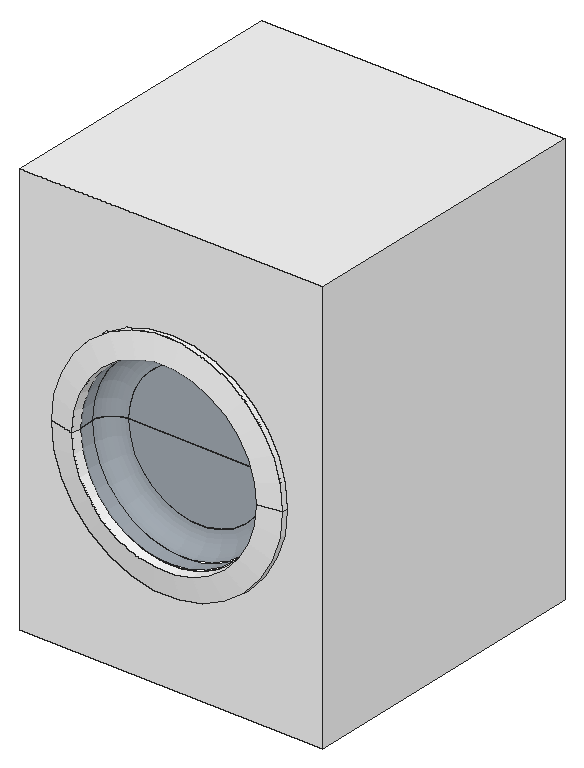
Revit family "_BRU_СУ_СтиральнаяМашина", category Электрооборудование, Revit 2021
Family settings
  Конфигурация панели = Два столбца, слева направо
  Размер круглого соединителя = Использовать диаметр
  Тип детали = Щит
  Номер OmniClass = 23.40.20.00
  Заголовок OmniClass = General Furniture and Specialties
  На основе рабочей плоскости = Нет
  Всегда вертикально = Да
  При загрузке вырезать с полостями = Нет
  Общий = Да
  Точка принадлежности помещению = Нет
Parameters (values of type "Стиральная машина")
  ‏‏  ‏  ‏‏  ‏  ‏‏  ‏  ‏‏  ‏  ‏‏  ‏  ‏‏  ‏ = ""  # constant formula
  ‏‏  ‏   = ""
  ‏  ‏‏   ‏ [instance] = ""
  ‏  ‏ = ""
  Условный диаметр подключений к канализации = 20 mm
  Условный диаметр подключений к воде = 15 mm
  Тип 2В.Наименование = "Стиральная машина 600 х 450 встраиваемая"  # constant formula
  Тип 1В.Наименование = "Стиральная машина 600 х 600 встраиваемая"  # constant formula
  Тип 2.Наименование = "Стиральная машина 600 х 450"  # constant formula
  Тип 2.Глубина = 450 mm
  Тип 1.Наименование = "Стиральная машина 600 х 600"  # constant formula
  Тип 1.Глубина = 600 mm
  built-in parameter 1155100 [instance] = -1
  Default Elevation = 0 mm
  built-in parameter 1140140 [instance] = 1 (stored number, unit not read)
  Voltage = ""
  built-in parameter 1140142 [instance] = -1
  BRU_Типоразмер.Ручка_формы [instance] = 670 mm
  Позиция точки вставки по умолчанию = 82  # constant formula
  Отступ от отделки [instance] = 0 mm
  Отступ 2D встраиваемой = 90 mm
  Отдельностоящая [instance] = not(Встраиваемая)  # yes
  Номер типа [instance] = if(not(#привязка номера типа = 0), #привязка номера типа, if(not(Задать номер типа = 0), Задать номер типа, if(BRU_Типоразмер.Ручка_формы < 475 mm, 2, 1)))  # 1
  Заливка [instance] = not(Встраиваемая)  # yes
  Задать номер типа = 0
  Глубина нижней части встроенной [instance] = 0 mm
  Глубина 2D встраиваемой = 400 mm
  Высота нижней части встроенной [instance] = 165 mm
  Встраиваемая [instance] = no
  BRU_Принять_отзеркаливание_д.н. [instance] = no
  BRU_Позиция_точки_вставки [instance] = if(BRU_Задать_точку_вставки = 0, Позиция точки вставки по умолчанию, BRU_Задать_точку_вставки)  # 82
  BRU_Отступ_на_толщину_отделки [instance] = 20 mm
  BRU_Отзеркаливание_Возможно = 1 = 1  # yes
  BRU_Задать_точку_вставки [instance] = 82
  ADSK_Расход канализационных стоков [instance] = 0.0 L/s
  ADSK_Расход ХВ [instance] = 0.0 L/s
  ADSK_Размер_Ширина = 600 mm  # constant formula
  ADSK_Размер_Глубина [instance] = if(Номер типа = 2, Тип 2.Глубина, Тип 1.Глубина)  # 600 mm
  ADSK_Размер_Высота = 820 mm
  ADSK_Наименование [instance] = if(not(Встраиваемая), if(Номер типа = 2, Тип 2.Наименование, Тип 1.Наименование), if(Номер типа = 2, Тип 2В.Наименование, Тип 1В.Наименование))  # "Стиральная машина 600 х 600"
  ‏  ‏‏    ‏ [instance] = if(BRU_Позиция_точки_вставки = 0, "Исходная точка вставки семейства", if(Позиция точки вставки по умолчанию = BRU_Позиция_точки_вставки, "", if(and(BRU_Позиция_точки_вставки > 0, BRU_Позиция_точки_вставки < 10), "Точка вставки изменена", if(or(BRU_Позиция_точки_вставки = 70, BRU_Позиция_точки_вставки = 72, BRU_Позиция_точки_вставки = 82, BRU_Позиция_точки_вставки = 92, BRU_Позиция_точки_вставки = 90, BRU_Позиция_точки_вставки = 10, BRU_Позиция_точки_вставки = 12, BRU_Позиция_точки_вставки = 22, BRU_Позиция_точки_вставки = 32, BRU_Позиция_точки_вставки = 71, BRU_Позиция_точки_вставки = 41, BRU_Позиция_точки_вставки = 11, BRU_Позиция_точки_вставки = 91, BRU_Позиция_точки_вставки = 61, BRU_Позиция_точки_вставки = 31, BRU_Позиция_точки_вставки = 30), "Точка вставки изменена и добавлен отступ", "Ошибка! Неверное значение точки вставки!"))))  # ""
  #привязка номера типа [instance] = 0
  #вырез нижней части [instance] = if(Встраиваемая, Глубина нижней части встроенной, 0 mm)  # 0 mm
  #Сумм.отступ [instance] = BRU_Отступ_на_толщину_отделки + Отступ от отделки  # 20 mm
  #Поз.точки.вст.Y [instance] = #const + if(and(BRU_Позиция_точки_вставки > 3, BRU_Позиция_точки_вставки < 7), #Размер.Y / 2, if(and(BRU_Позиция_точки_вставки > 0, BRU_Позиция_точки_вставки < 4), 0 mm, if(and(BRU_Позиция_точки_вставки > 6, BRU_Позиция_точки_вставки < 10), #Размер.Y, if(or(BRU_Позиция_точки_вставки = 41, BRU_Позиция_точки_вставки = 61), #Размер.Y / 2, if(or(BRU_Позиция_точки_вставки = 11, BRU_Позиция_точки_вставки = 31), 0 mm, if(or(BRU_Позиция_точки_вставки = 71, BRU_Позиция_точки_вставки = 91), #Размер.Y, if(or(BRU_Позиция_точки_вставки = 10, BRU_Позиция_точки_вставки = 12, BRU_Позиция_точки_вставки = 22, BRU_Позиция_точки_вставки = 32, BRU_Позиция_точки_вставки = 30), -1 * #Сумм.отступ, if(or(BRU_Позиция_точки_вставки = 70, BRU_Позиция_точки_вставки = 72, BRU_Позиция_точки_вставки = 82, BRU_Позиция_точки_вставки = 92, BRU_Позиция_точки_вставки = 90), #Размер.Y + #Сумм.отступ, #Размер.Y / 2))))))))  # 1120 mm
  #Поз.точки.вст.X [instance] = #const + if(or(BRU_Позиция_точки_вставки = 8, BRU_Позиция_точки_вставки = 5, BRU_Позиция_точки_вставки = 2), #Размер.X / 2, if(or(BRU_Позиция_точки_вставки = 1, BRU_Позиция_точки_вставки = 4, BRU_Позиция_точки_вставки = 7), 0 mm, if(or(BRU_Позиция_точки_вставки = 3, BRU_Позиция_точки_вставки = 6, BRU_Позиция_точки_вставки = 9), #Размер.X, if(or(BRU_Позиция_точки_вставки = 22, BRU_Позиция_точки_вставки = 82), #Размер.X / 2, if(or(BRU_Позиция_точки_вставки = 10, BRU_Позиция_точки_вставки = 11, BRU_Позиция_точки_вставки = 41, BRU_Позиция_точки_вставки = 71, BRU_Позиция_точки_вставки = 70), -1 * #Сумм.отступ, if(or(BRU_Позиция_точки_вставки = 90, BRU_Позиция_точки_вставки = 91, BRU_Позиция_точки_вставки = 61, BRU_Позиция_точки_вставки = 31, BRU_Позиция_точки_вставки = 30), #Размер.X + #Сумм.отступ, if(or(BRU_Позиция_точки_вставки = 72, BRU_Позиция_точки_вставки = 12), 0 mm, if(or(BRU_Позиция_точки_вставки = 92, BRU_Позиция_точки_вставки = 32), #Размер.X, #Размер.X / 2))))))))  # 800 mm
  #Отступ 2D отображения [instance] = if(Встраиваемая, Отступ 2D встраиваемой, 0 mm)  # 0 mm
  #Размер.X = ADSK_Размер_Ширина  # 600 mm
  #Глубина 2D отображения [instance] = if(Встраиваемая, Глубина 2D встраиваемой, ADSK_Размер_Глубина)  # 600 mm
  #Высота нижней части [instance] = if(Встраиваемая, Высота нижней части встроенной, 100 mm)  # 100 mm
  #Размер.Y [instance] = ADSK_Размер_Глубина  # 600 mm
  #const = 500 mm  # constant formula
Reference planes
  plane 1 "По центру (Вперед/Назад)": y = 0
  plane 2: z = 0
  plane 3 "По центру (Влево/Вправо)": x = 0
  plane 4 "up": z = 820
  plane 5 "в.панель": z = 700
  plane 6 "cenetr": z = 400
  plane 7: y = -600
  plane 8: x = 300
  plane 9: x = -300
  plane 10: y = -300
  plane 11: y = -600
  plane 12: y = 0
  plane 13 "1": z = 1140
  plane 14 "низ": z = 100
  plane 15: x = -320
  plane 16: y = 20
  plane 17: x = 320
  plane 18: y = 0
  plane 19: x = 200
  plane 20: y = -100
  plane 21: y = -1100
  plane 22: x = -800
  plane 23: y = 20
  plane 24: x = 0
  plane 25 "Подключения": z = 760
  plane 26 "низкая детализация": z = 200
Forms (mm)
  Extrusion 1, solid, material "BRU_Пластмасса, непрозрачная, белая", detail levels fine
    sketch origin (-300, -600, 0) x (1, 0, 0) y (0, 1, 0)
      loop
        line (0, 600) -> (0, 0) -> (600, 0) -> (600, 600) -> (0, 600)
    from 0 to 820
  Revolve 2, void, detail levels fine
    sketch origin (-300, -600, 400) x (-1, 0, 0) y (0, -1, 0)
      loop
        line (-300, 0) -> (-300, -70) -> (-160, -70)
        arc (-160, -70) -> (-131.716, -58.284) -> (-120, -30) r 40
        line (-120, -30) -> (-120, 0) -> (-300, 0)
      axis (-300, 0) -> (-300, -70)
    angle from 0 to 360
  Revolve 3, solid, material "BRU_Пластмасса, непрозрачная, белая", detail levels fine
    sketch origin (0, 0, 400) x (-1, 0, 0) y (0, -1, 0)
      loop
        line (230, 600) -> (230, 610) -> (183.218, 618.249) -> (180, 600) -> (230, 600)
      axis (0, 600) -> (0, 618.249)
    angle from 0 to 360
  Extrusion 4, void
    sketch origin (300, -600, 0) x (1, 0, 0) y (0, 0, -1)
      loop
        line (-600, 0) -> (-600, -100) -> (0, -100) -> (0, 0) -> (-600, 0)
    from -10 to 0 <- "#вырез нижней части"
  Extrusion 5, solid, material "BRU_Требуемое свободное пространство", detail levels coarse
    sketch origin (0, 0, 0) x (1, 0, 0) y (0, 1, 0)
      loop
        line (-300, 0) -> (-300, -600) -> (300, -600) -> (300, 0) -> (-300, 0)
    from 0 to 820 <- "ADSK_Размер_Высота"
  Extrusion 6, solid, not visible
    sketch origin (-300, 0, 0) x (1, 0, 0) y (0, 0, -1)
      loop
        circle (300, -760) r 20
      loop
        circle (545, -760) r 20
      loop
        circle (55, -760) r 20
    from -50 to -100
  Extrusion 7, solid, detail levels medium
    sketch origin (0, 0, 0) x (1, 0, 0) y (0, 1, 0)
      loop
        line (-300, -600) -> (300, -600) -> (300, 0) -> (-300, 0) -> (-300, -600)
    from 0 to 820 <- "ADSK_Размер_Высота"
Cuts and joins
  Revolve 2, Extrusion 4 cuts Extrusion 1
Lines and regions (mm)
  model lines, detail levels coarse
    curve 1: line (300, 0, 200) -> (-300, 0, 200)
    curve 2: line (-300, 0, 200) -> (-300, -600, 200)
    curve 3: line (-300, -600, 200) -> (300, -600, 200)
    curve 4: line (300, -600, 200) -> (300, 0, 200)
    curve 5: circle (0, -300, 200) r 171.429 normal (0, 0, 1)
    curve 6: circle (0, -300, 200) r 133.333 normal (0, 0, 1)
  model lines, style "ElectricalEquipment", detail levels fine
    curve 7: line (-300, -600, 700) -> (300, -600, 700)
  model lines, detail levels fine
    curve 8: line (-100, -600, 700) -> (-100, -600, 820)
    curve 9: circle (245, -600, 760) r 30 normal (0, -1, 0)
  model lines, style "Объем на средней детализации", detail levels medium
    curve 10: circle (0, -600, 400) r 230 normal (0, -1, 0)
    curve 21: circle (0, -600, 400) r 180 normal (0, -1, 0)
    curve 22: line (-300, -600, 700) -> (300, -600, 700)
  model lines, style "ElectricalEquipment", visible <- "Отдельностоящая", detail levels fine
    curve 11: line (300, -600, 100) -> (-300, -600, 100)
  model lines, visible <- "Отдельностоящая", detail levels fine
    curve 12: line (100, -600, 100) -> (100, -600, 0)
  reference lines
    curve 13: line (-300, -670, 400) -> (300, -670, 400)
  model lines, style "InvisibleLines"
    curve 14: line (-320, 20, 0) -> (-320, -600, 0)
    curve 15: line (-320, 20, 0) -> (320, 20, 0)
    curve 16: line (320, 20, 0) -> (320, -600, 0)
    curve 17: line (300, 0, 0) -> (-300, 0, 0)
    curve 18: line (300, 0, 0) -> (300, -600, 0)
    curve 19: line (-300, 0, 0) -> (-300, -600, 0)
  model lines, style "Объем на средней детализации", visible <- "Встраиваемая", detail levels medium
    curve 20: line (-300, -600, 100) -> (300, -600, 100)
  model lines, style "Объем на средней детализации", visible <- "Отдельностоящая", detail levels medium
    curve 23: line (300, -600, 100) -> (-300, -600, 100)
Dimensions and locks
  "ADSK_Размер_Глубина": plane 7 to plane 1 "По центру (Вперед/Назад)"
  equal spacing: plane 9, plane 3 "По центру (Влево/Вправо)", plane 8
  "ADSK_Размер_Ширина": plane 9 to plane 8
  locked: Revolve 2 sketch curve to plane 7 at 70
  equal spacing: plane 7, plane 10, plane 1 "По центру (Вперед/Назад)"
  locked: plane 10 to curve 6 at 0
  locked: plane 3 "По центру (Влево/Вправо)" to curve 5 at 0
  "ADSK_Размер_Высота": plane 4 "up" to level
  "#Глубина 2D отображения": plane 12 to plane 11
  "#Отступ 2D отображения": plane 11 to plane 7
  locked: curve 10 to plane 6 "cenetr"
  "#Высота нижней части": plane 14 "низ" to plane 2
  equal spacing: plane 4 "up", curve 9, plane 5 "в.панель"
  equal spacing: plane 5 "в.панель", plane 6 "cenetr", plane 14 "низ"
  "BRU_Отступ_на_толщину_отделки": plane 1 "По центру (Вперед/Назад)" to plane 16
  "BRU_Отступ_на_толщину_отделки": plane 15 to plane 9
  "BRU_Отступ_на_толщину_отделки": plane 8 to plane 17
  "BRU_Типоразмер.Ручка_формы": curve 13 to plane 18
  plane 22 to plane 9 = 500 mm
  plane 7 to plane 21 = 500 mm
  "#Поз.точки.вст.X": plane 22 to plane 24
  "#Поз.точки.вст.Y": plane 23 to plane 21
  equal spacing: plane 4 "up", plane 25 "Подключения", plane 5 "в.панель"
  locked: plane 2 to plane 26 "низкая детализация" at 200
  aligned and locked: level to plane 2
  aligned and locked: plane 4 "up" to Extrusion 1
  aligned and locked: plane 7 to Revolve 2 sketch curve
  aligned and locked: nested 1 to plane 11
  aligned and locked: plane 9 to nested 1
  aligned and locked: plane 8 to nested 1
  aligned and locked: curve 11 to cut or joined group of Extrusion 1, Revolve 2, Extrusion 4
  aligned and locked: curve 7 to plane 5 "в.панель"
  aligned and locked: plane 5 "в.панель" to curve 8
  aligned and locked: plane 14 "низ" to cut or joined group of Extrusion 1, Revolve 2, Extrusion 4
  aligned and locked: plane 14 "низ" to curve 12
  aligned and locked: plane 18 to plane 1 "По центру (Вперед/Назад)"
  aligned and locked: curve 17 to plane 1 "По центру (Вперед/Назад)"
  aligned and locked: curve 18 to plane 8
  aligned and locked: curve 19 to plane 9
  aligned and locked: plane 23 to nested 2
  aligned and locked: plane 24 to nested 2
  aligned and locked: Extrusion 7 sketch curve to plane 9
  aligned and locked: Extrusion 7 sketch curve to plane 7
  aligned and locked: plane 8 to Extrusion 7 sketch curve
  aligned and locked: Extrusion 7 sketch curve to plane 1 "По центру (Вперед/Назад)"
  aligned and locked: curve 20 to plane 14 "низ"
Automatic sketch dimensions
  Extrusion 1 sketch curve to plane 7 = 0 mm
  Extrusion 1 sketch curve to plane 9 = 0 mm
  Extrusion 1 sketch curve to plane 8 = 0 mm
  plane 1 "По центру (Вперед/Назад)" to Extrusion 1 sketch curve = 0 mm
  Revolve 2 sketch curve to plane 3 "По центру (Влево/Вправо)" = 0 mm  (x2)
  Revolve 2 sketch curve to plane 7 = 0 mm
  plane 7 to Revolve 2 sketch curve = 30 mm
  Revolve 2 sketch curve to Revolve 2 sketch curve = 0 mm
  Revolve 3 sketch curve to plane 3 "По центру (Влево/Вправо)" = 0 mm
  Revolve 3 sketch curve to plane 7 = 0 mm
  Revolve 3 sketch curve to plane 7 = 10 mm
  Revolve 3 sketch curve to plane 1 "По центру (Вперед/Назад)" = 1482.579 mm
  Revolve 3 sketch curve to plane 7 = 934.717 mm
  Extrusion 1 to Extrusion 4 sketch curve = 0 mm  (x2)
  Extrusion 4 sketch curve to Extrusion 1 = 0 mm
  Extrusion 4 sketch curve to Extrusion 1 = 100 mm
  Revolve 3 sketch curve to Revolve 3 sketch curve = 50 mm
  Revolve 3 sketch curve to plane 7 = 18.249 mm
  Revolve 2 sketch curve to plane 3 "По центру (Влево/Вправо)" = 140 mm
  plane 9 to Revolve 3 sketch curve = 120 mm
  curve 18 to plane 7 = 0 mm
  curve 19 to plane 7 = 0 mm
  curve 14 to plane 7 = 0 mm
  curve 14 to plane 15 = 0 mm
  curve 15 to plane 16 = 0 mm
  curve 15 to plane 17 = 0 mm
  curve 16 to plane 7 = 0 mm
  Extrusion 5 sketch curve to plane 7 = 0 mm
  Extrusion 5 sketch curve to plane 9 = 0 mm
  Extrusion 5 sketch curve to plane 8 = 0 mm
  plane 1 "По центру (Вперед/Назад)" to Extrusion 5 sketch curve = 0 mm
  Extrusion 6 sketch curve to Extrusion 5 = 55 mm  (x2)
  Extrusion 5 to Extrusion 6 sketch curve = 60 mm  (x3)
  Extrusion 6 sketch curve to Extrusion 6 sketch curve = 245 mm
  plane 1 "По центру (Вперед/Назад)" to curve 1 = 0 mm
  curve 1 to plane 9 = 0 mm
  curve 4 to plane 7 = 0 mm
  curve 4 to plane 8 = 0 mm
  curve 5 to plane 10 = 0 mm
  curve 5 to curve 6 = 0 mm
  curve 20 to Extrusion 7 = 0 mm
  Extrusion 7 to curve 20 = 0 mm
  curve 10 to curve 21 = 0 mm  (x2)
  curve 23 to Extrusion 1 = 0 mm  (x2)
  curve 7 to Extrusion 1 = 0 mm  (x2)
  curve 11 to Extrusion 1 = 0 mm  (x2)
  curve 22 to Extrusion 1 = 0 mm  (x2)
  curve 12 to Extrusion 1 = 0 mm
  curve 8 to Extrusion 1 = 0 mm
  curve 9 to Extrusion 1 = 55 mm
  Extrusion 1 to curve 10 = 300 mm
  curve 12 to Extrusion 1 = 200 mm
  Extrusion 1 to curve 8 = 200 mm
  curve 22 to curve 7 = 0 mm
  curve 23 to curve 11 = 0 mm
  curve 13 to plane 8 = 0 mm
  curve 13 to plane 9 = 0 mm
  radius of Extrusion 6 sketch curve = 20 mm  (x3)
  radius of curve 5 = 171.429 mm
  radius of curve 6 = 133.333 mm
  radius of curve 9 = 30 mm
  radius of curve 10 = 230 mm
  radius of curve 21 = 180 mm
Nested families
  nested 1: "2D_Стиральная_машина" at (-300, -600, 1140), Встроенная <- "Встраиваемая", ADSK_Размер_Ширина <- "#Глубина 2D отображения", type "2D_Стиральная_машина"
    with Не встроенная yes, Встроенная no, ADSK_Размер_Ширина 600 mm, ADSK_Размер_Длина 600 mm
  nested 2: "Точка вставки" at (0, 20, 0), type "Точка вставки"
    with Размер 2 40 mm, Размер 20 mm, Видимость no
Definition of nested family "2D_Стиральная_машина"
  Parameters (values of type "2D_Стиральная_машина")
    built-in parameter 1155100 [instance] = -1
    Default Elevation = 1219.2 mm
    built-in parameter 1140140 [instance] = 1 (stored number, unit not read)
    Не встроенная [instance] = not(Встроенная)  # no
    Встроенная [instance] = yes
    built-in parameter 1140142 [instance] = -1
    ADSK_Размер_Ширина [instance] = 1112.216 mm
    ADSK_Размер_Длина [instance] = 1486.514 mm
  Reference planes
    plane 1 "По центру (Вперед/Назад)": y = 0
    plane 2: z = 0
    plane 3 "По центру (Влево/Вправо)": x = 0
    plane 4: y = 1112.216
    plane 5: x = 1486.514
    plane 6: y = 556.108
    plane 7: x = 743.257
  Lines and regions (mm)
    Masking region 1, visible <- "Не встроенная", detail levels medium+fine
      outline origin (0, 0, 0) x (1, 0, 0) y (0, 1, 0)
        loop
          line (0, 1112.216) -> (0, 0) -> (1486.514, 0) -> (1486.514, 1112.216) -> (0, 1112.216)
    symbolic lines, visible <- "Не встроенная"
      curve 1: circle (743.257, 556.108, 0) r 171 normal (0, 0, 1)
      curve 2: circle (743.257, 556.108, 0) r 133 normal (0, 0, 1)
    symbolic lines, visible <- "Встроенная"
      curve 3: circle (743.257, 556.108, 0) r 171 normal (0, 0, 1)
      curve 4: circle (743.257, 556.108, 0) r 133 normal (0, 0, 1)
      curve 5: line (0, 1112.216, 0) -> (1486.514, 1112.216, 0)
      curve 6: line (0, 0, 0) -> (0, 1112.216, 0)
      curve 7: line (1486.514, 0, 0) -> (0, 0, 0)
      curve 8: line (1486.514, 1112.216, 0) -> (1486.514, 0, 0)
    symbolic lines, visible <- "Не встроенная", detail levels coarse
      curve 9: line (0, 1112.216, 0) -> (1486.514, 1112.216, 0)
      curve 10: line (0, 0, 0) -> (0, 1112.216, 0)
      curve 11: line (1486.514, 0, 0) -> (0, 0, 0)
      curve 12: line (1486.514, 1112.216, 0) -> (1486.514, 0, 0)
  Dimensions and locks
    "ADSK_Размер_Длина": plane 3 "По центру (Влево/Вправо)" to plane 5
    "ADSK_Размер_Ширина": plane 4 to plane 1 "По центру (Вперед/Назад)"
    equal spacing: plane 3 "По центру (Влево/Вправо)", plane 7, plane 5
    equal spacing: plane 4, plane 6, plane 1 "По центру (Вперед/Назад)"
    aligned and locked: level to plane 2
    aligned and locked: plane 3 "По центру (Влево/Вправо)" to curve 10
    aligned and locked: curve 9 to plane 4
    aligned and locked: curve 12 to plane 5
    aligned and locked: curve 11 to plane 1 "По центру (Вперед/Назад)"
  Automatic sketch dimensions
    plane 1 "По центру (Вперед/Назад)" to Masking region 1 sketch curve = 0 mm
    Masking region 1 sketch curve to plane 3 "По центру (Влево/Вправо)" = 0 mm
    Masking region 1 sketch curve to plane 5 = 0 mm
    Masking region 1 sketch curve to plane 4 = 0 mm
    curve 1 to curve 2 = 0 mm  (x2)
    curve 1 to curve 3 = 0 mm  (x2)
    curve 1 to curve 4 = 0 mm  (x2)
    curve 4 to plane 6 = 0 mm
    curve 4 to plane 7 = 0 mm
    radius of curve 1 = 171 mm
    radius of curve 2 = 133 mm
    radius of curve 3 = 171 mm
    radius of curve 4 = 133 mm
Definition of nested family "Точка вставки"
  Parameters (values of type "Точка вставки")
    Размер 2 [instance] = Размер * 2  # 40 mm
    Размер [instance] = 20 mm
    Default Elevation = 0 mm
    Видимость [instance] = yes
  Reference planes
    plane 1 "По центру (Вперед/Назад)": y = 0
    plane 2: z = 0
    plane 3 "По центру (Влево/Вправо)": x = 0
  Lines and regions (mm)
    model lines
      curve 1: line (-14.142, 14.142, 0) -> (14.142, -14.142, 0)
      curve 2: line (14.142, 14.142, 0) -> (-14.142, -14.142, 0)
      curve 3: circle (0, 0, 0) r 20 normal (0, 0, 1)
    model lines, visible <- "Видимость"
      curve 4: line (-40, 0, 0) -> (40, 0, 0)
      curve 5: line (0, 40, 0) -> (0, -40, 0)
  Dimensions and locks
    "Размер": radius of curve 3
    aligned and locked: level to plane 2
  Automatic sketch dimensions
    plane 1 "По центру (Вперед/Назад)" to curve 4 = 0 mm
    curve 5 to plane 3 "По центру (Влево/Вправо)" = 0 mm
    plane 1 "По центру (Вперед/Назад)" to curve 3 = 0 mm
    curve 3 to plane 3 "По центру (Влево/Вправо)" = 0 mm
    curve 1 to plane 1 "По центру (Вперед/Назад)" = 14.142 mm
    plane 1 "По центру (Вперед/Назад)" to curve 2 = 14.142 mm
    curve 4 to curve 2 = 25.858 mm
    plane 1 "По центру (Вперед/Назад)" to curve 1 = 14.142 mm
    curve 2 to plane 1 "По центру (Вперед/Назад)" = 14.142 mm
    curve 2 to curve 4 = 25.858 mm
    curve 5 to curve 1 = 25.858 mm
    curve 1 to curve 5 = 25.858 mm
